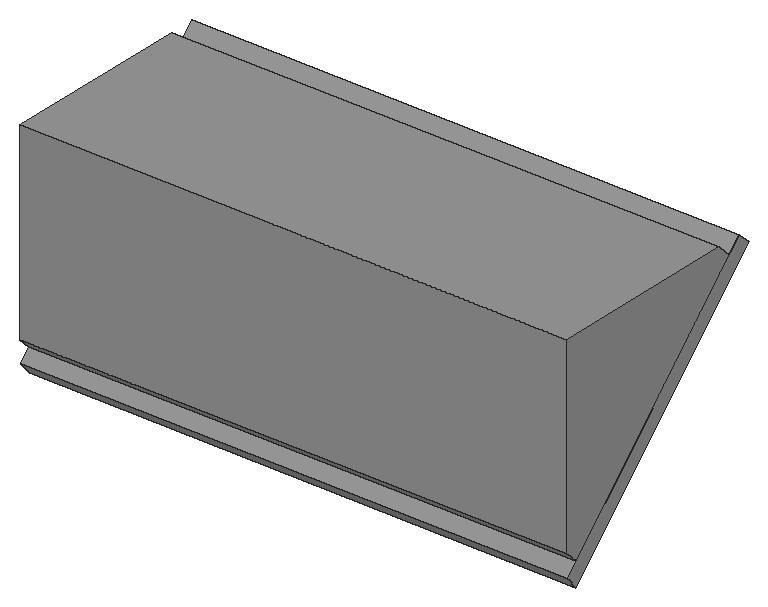
Revit family "MARIONA_2X18W_E27_BLANC", category Lighting Fixtures, host Wall, Revit 2021
Family settings
  Host = Wall
  Round Connector Dimension = Use Diameter
  Part Type = Normal
  OmniClass Number = 23.80.70.00
  OmniClass Title = Lighting
  Always vertical = Yes
  Cut with Voids When Loaded = No
  Light Source = Yes
  Shared = No
  Room Calculation Point = No
Parameters (values of type "Type 1")
  Wattage = 9.2903 W
  built-in parameter 1150110 = 1 (stored number, unit not read)
  Type de lampe = "LED"
  Type de douille = "2xE27"
  Type = "Applique murale"
  built-in parameter 1114217 = 1 (stored number, unit not read)
  built-in parameter 1150109 = 1 (stored number, unit not read)
  built-in parameter 1150134 = (empty or 0)
  built-in parameter 1150113 = 1 (stored number, unit not read)
  Puissance nominale = "Max 2x18W"
  Matériau = "ABS"
  Lumens = 1380 lm
  built-in parameter 1150115 = 1 (stored number, unit not read)
  built-in parameter 1150105 = 109.82 (stored number, unit not read)
  Light Source Symbol Size = 609.6 mm
  built-in parameter 1150137 = (empty or 0)
  built-in parameter 1150139 = (empty or 0)
  built-in parameter 1150112 = 1 (stored number, unit not read)
  built-in parameter 1150114 = 1 (stored number, unit not read)
  built-in parameter 1150132 = 2
  built-in parameter 1150102 = (empty or 0)
  built-in parameter 1150138 = (empty or 0)
  built-in parameter 1150107 = 3000 (stored number, unit not read)
  built-in parameter 1150106 = 1.0982 (stored number, unit not read)
  Fintion = "Blanc"
  built-in parameter 1150104 = 13.8 (stored number, unit not read)
  Dimming Lamp Color Temperature Shift = <None>
  Dimensions = "320 x 133 x 134 mm"
  Diffuseur = "Polycarbonate"
  Default Elevation = 0 mm
  Color Filter = 16777215
  built-in parameter 1114218 = 1 (stored number, unit not read)
  built-in parameter 1150133 = 10 (stored number, unit not read)
  Alimentation Driver = "AC 220-240V"
Reference planes
  plane 1: y = 0
  plane 2 "Light Source Axis (L/R)": x = 125
  plane 3 "Light Source Axis (F/R)": y = 150
  plane 4 "Light Source Elevation": z = 1800
Forms (mm)
  Extrusion 1, solid, material "Acrylic"
    sketch origin (125, 0, 0) x (0, 1, 0) y (0, 0, 1)
      loop
        line (193.101, 1926.539) -> (185.64, 1934) -> (75, 1934) -> (75, 1821.458) -> (81.51, 1814.948) -> (193.101, 1926.539)
    from -160 to 160
  Extrusion 2, solid, material "Acrylic"
    sketch origin (125, 0.215, -6.454) x (0, 1, 0) y (0, 0, 1)
      loop
        line (207.336, 1933.336) -> (200.282, 1940.39) -> (74.941, 1815.049) -> (81.502, 1807.502) -> (207.336, 1933.336)
    from -160 to 160
  Extrusion 3, void
    sketch origin (125, 0.215, -6.454) x (0, 1, 0) y (0, 0, 1)
      loop
        line (215.445, 1921.555) -> (201.27, 1935.73) -> (79.344, 1813.803) -> (93.519, 1799.628) -> (215.445, 1921.555)
    from -151.719 to 150.519
  Extrusion 4, solid, material "Glass, White, High Luminance"
    sketch origin (125, 0.215, -6.454) x (0, 1, 0) y (0, 0, 1)
      loop
        line (204.806, 1932.194) -> (82.879, 1810.268) -> (84.217, 1808.929) -> (206.144, 1930.856) -> (204.806, 1932.194)
    from -151.719 to 150.519
Cuts and joins
  Extrusion 3 cuts Extrusion 2
Lines and regions (mm)
  reference lines
    curve 1: line (125, 150, 1785) -> (-35, 150, 1785)
    curve 2: line (-35, 150, 1785) -> (-35, 150, 1919)
    curve 3: line (-35, 150, 1919) -> (285, 150, 1919)
    curve 4: line (285, 150, 1919) -> (285, 150, 1785)
    curve 5: line (285, 150, 1785) -> (125, 150, 1785)
    curve 6: line (125, 75, 1800) -> (125, 208, 1800)
    curve 7: line (125, 208, 1800) -> (125, 208, 1934)
    curve 8: line (125, 208, 1934) -> (125, 75, 1934)
Text (mm)
  text "Placement side" at (-1787.139, 1116.779, 0), in view "Ref. Level"
  text "Placement side" at (0, 296.899, 2986.058), in view "Left"
  text "Placement side" at (0, 628.478, 3011.967), in view "Right"
Dimensions and locks
  aligned and locked: plane 1 to host wall
  aligned and locked: plane 2 "Light Source Axis (L/R)" to imposter light
  aligned and locked: plane 3 "Light Source Axis (F/R)" to imposter light
  aligned and locked: plane 4 "Light Source Elevation" to imposter light
